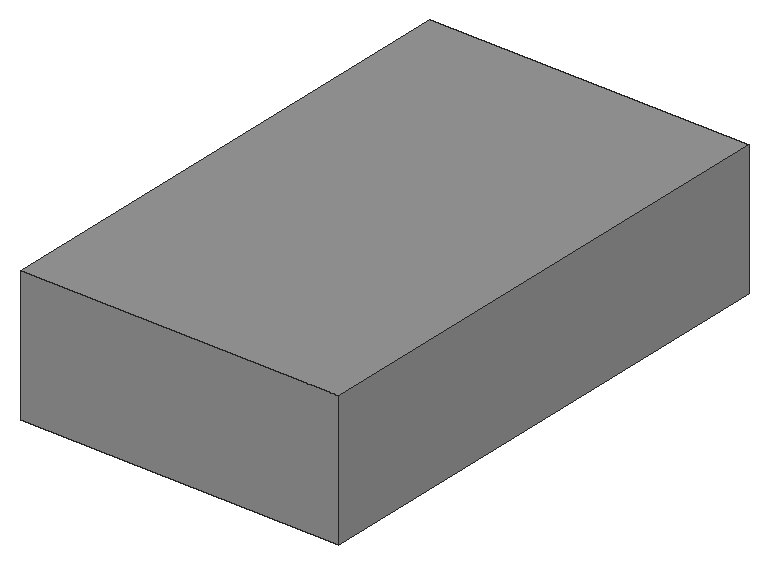
Revit family "GMV-N36、71UA&B&C-T", category 机械设备, Revit 2014
Parameters
  width = 203 mm
  height = 85 mm
  depth = 326 mm
Reference planes
  plane 1 "中心(前/后)": y = 0
  plane 2: z = 0
  plane 3 "中心(左/右)": x = 0
Forms (mm)
  Extrusion 1, solid, material "cabinet"
    sketch origin (293.306, 600.151, 0) x (1, 0, 0) y (0, 1, 0)
      loop
        line (-394.806, -437.151) -> (-394.806, -763.151) -> (-191.806, -763.151) -> (-191.806, -437.151) -> (-394.806, -437.151)
    from 0 to 85
Dimensions and locks
  "width": Extrusion 1 to Extrusion 1
  "depth": Extrusion 1 to Extrusion 1
  "height": Extrusion 1 to Extrusion 1
  aligned and locked: level to plane 2
Automatic sketch dimensions
  Extrusion 1 sketch curve to plane 3 "中心(左/右)" = 101.5 mm
  plane 3 "中心(左/右)" to Extrusion 1 sketch curve = 101.5 mm
  plane 1 "中心(前/后)" to Extrusion 1 sketch curve = 163 mm
  Extrusion 1 sketch curve to plane 1 "中心(前/后)" = 163 mm
